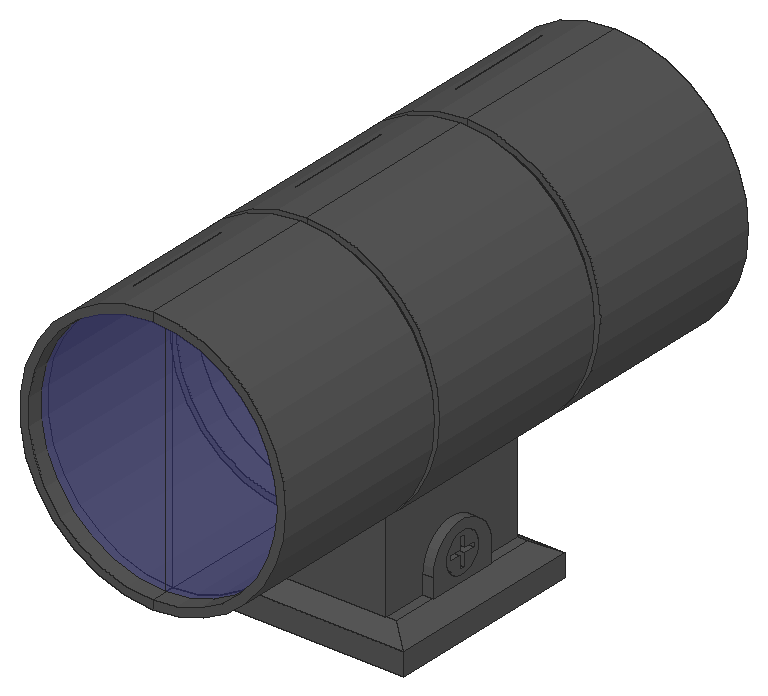
Revit family "CARLO CYLINDER LIGHT WALL MOUNT", category Lighting Fixtures, host Face, Revit 2020 (continued)
Parameters (values of type "CCL6-13-35SPSW8-PC-25-WM-BK")
    4551 0.77793 0.81146 0.85148 0.89328 0.93348 0.97341 1.012 \r\n 1.0532 1.1017 1.1532 1.2041 1.2577 1.3174 1.3805 1.4453 1.513 1.5839 \r\n 1.6594 1.7404 1.8288 1.9282 2.0346 2.1419 2.2599 2.3978 2.5516 2.7181 \r\n 2.9048 3.1169 3.3573 3.6257 3.936 4.3024 4.7234 5.2044 5.7397 6.3288 \r\n 6.9613 7.6236 8.3246 9.0633 9.8554 10.732 11.646 12.545 13.47 14.438 \r\n 15.465 16.579 17.761 18.982 20.295 21.615 23.326 26.016 28.997 31.629 \r\n 34.356 37.443 40.786 43.771 48.203 54.94 66.213 86.215 109.91 132.89 \r\n 157.47 185.01 213.91 242.82 272.34 303.27 333.7 362.03 388.02 411.34 \r\n 430.69 444.03 453.21 458.82 462.57 466.58 470.29 473.85 477.21 480.3 \r\n 483.35 486.61 489.92 493.25 496.53 499.7 502.77 505.67 508.55 511.52 \r\n 514.63 518 521.62 525.43 529.67 534.55 540.08 546.12 553.22 561.79 \r\n 572.02 584.11 598.37 614.99 634.55 657.39 684.35 715.81 753.44 797.82 \r\n 852.63 924.03 1005.2 1090.7 1182.8 1278.4 1387.4 1520.6 1672 1840.6 \r\n 2022.2 2213.1 2410 2607.7 2807.9 3011 3216 3424.7 3630.4 3826.3 \r\n 4014.7 4196.7 4368.5 4525.7 4671.4 4807.8 4932.9 5046.8 5145.6 5222.8 \r\n 5286.5 5343.6 5392.2 5433.7 5465.3 5484 5492 5491.6 5480.2 5455.7 \r\n 5509.6 \r\n5444.5 5464.3 5456 5441.2 5416.3 5378.9 5326.8 5256.7 5169.6 5065 \r\n 4944.4 4808.5 4658.8 4497.2 4323.1 4135.4 3937.3 3730.3 3519 3309.2 \r\n 3098.7 2887.1 2675.1 2459.5 2251.7 2064.5 1891.5 1730.1 1581.8 1447.5 \r\n 1326.1 1215.8 1118.7 1038.7 968.86 901.82 842.51 794.67 754.5 719.42 \r\n 689.58 664.52 643.43 625.46 610.34 597.72 587.03 577.56 569.36 562.39 \r\n 556.22 550.28 544.9 540.38 536.29 532.37 528.51 524.41 520.34 516.5 \r\n 512.88 509.65 506.52 503.19 499.97 497.17 494.55 491.93 489.42 487.06 \r\n 484.92 483.24 481.54 479.39 476.81 473.46 469.94 468.15 463.92 453.22 \r\n 437.57 416.7 392 364.54 335.05 304.56 273.18 241.1 209.06 177.69 \r\n 147.46 118.31 92.451 72.575 57.114 45.53 37.43 32.754 29.963 27.337 \r\n 25.361 24.101 23.083 21.753 20.426 19.274 18.185 17.094 16.032 15.014 \r\n 14.017 13.019 12.03 11.037 10.09 9.2481 8.4632 7.6906 6.9774 6.3679 \r\n 5.8251 5.3209 4.8735 4.4998 4.1759 3.8848 3.6226 3.3763 3.1551 2.967 \r\n 2.8015 2.6503 2.515 2.3953 2.2878 2.1888 2.0976 2.0121 1.9328 1.861 \r\n 1.7923 1.7208 1.652 1.5909 1.5328 1.4744 1.4165 1.3571 1.3014 1.2566 \r\n 1.2156 1.1724 1.1305 1.0921 1.0543 1.0134 0.97332 0.93883 0.90525 0.86847 \r\n 0.83159 0.79694 0.76266 0.72551 0.69205 0.67116 0.65269 0.6273 0.60154 0.58312 \r\n 0.55931 0.5172 0.46503 0.40535 0.34231 0.27931 0.22103 0.17415 0.13596 0.11988 \r\n 0.11738 0.12549 0.14091 0.1592 0.1809 0.20643 0.23175 0.25887 0.28715 0.31717 \r\n 0.34748 0.37595 0.40522 0.43839 0.47203 0.50335 0.53362 0.56211 0.59199 0.62798 \r\n 0.66472 0.69738 0.72909 0.76102 0.7943 0.83503 0.87787 0.91898 0.96002 1.0002 \r\n 1.043 1.0929 1.1452 1.1952 1.2478 1.3082 1.3716 1.4333 1.4971 1.5654 \r\n 1.6377 1.7134 1.7967 1.8937 1.9978 2.1005 2.2128 2.3446 2.4904 2.645 \r\n 2.8183 3.0178 3.2465 3.5085 3.8082 4.148 4.5382 4.9931 5.5037 6.0704 \r\n 6.6783 7.3047 7.9727 8.6987 9.4797 10.33 11.214 12.091 12.993 13.938 \r\n 14.937 16.014 17.155 18.345 19.613 20.851 22.46 25.04 27.889 30.362 \r\n 32.89 35.687 38.753 41.861 45.904 50.448 59.236 77.944 100.34 120.82 \r\n 143.15 170.09 199.06 228.12 258.12 289.96 321.53 351.02 378.37 403.3 \r\n 424.61 440.81 452.56 459.14 463.15 467.07 470.54 474.15 477.57 480.55 \r\n 483.42 486.48 489.58 492.66 495.73 498.78 501.77 504.62 507.49 510.5 \r\n 513.64 516.88 520.35 524.11 528.31 533.13 538.55 544.45 551.33 559.61 \r\n 569.46 581.07 594.77 610.78 629.62 651.63 677.6 707.84 743.99 785.84 \r\n 839.15 913.33 997.1 1081.2 1168.9 1255.5 1355.2 1483.9 1632.2 1797.5 \r\n 1975.5 2161.7 2354.5 2550.3 2750.3 2955.1 3162.2 3370.5 3575.4 3771 \r\n 3959.6 4143.6 4317.8 4476.5 4624.4 4765 4895.2 5014.4 5118.2 5199.1 \r\n 5265.7 5324.4 5374.7 5418.9 5453.8 5476.4 5488 5489.3 5479.3 5457.6 \r\n 5509.6 \r\n5444.5 5455.2 5442.9 5424.9 5396.6 5354.5 5297.5 5223 5131.9 5023.8 \r\n 4899.8 4760.1 4606.5 4440.7 4262.9 4073.4 3873.9 3663.7 3449.8 3240.2 \r\n 3031.1 2821.3 2611.3 2397.1 2191.5 2008.5 1840.2 1682.6 1538.2 1408.6 \r\n 1291.8 1186 1092.1 1011.5 941.45 879.16 825.29 780.22 741.94 708.56 \r\n 680.16 656.49 636.63 619.64 605.32 593.31 583.09 574.01 566.11 559.29 \r\n 553.25 547.56 542.44 538.08 534.11 530.28 526.47 522.38 518.35 514.68 \r\n 511.24 508.06 504.91 501.46 498.11 495.25 492.63 490.08 487.69 485.45 \r\n 483.45 481.98 480.42 478.25 475.6 472.33 468.79 466.74 461.73 449.05 \r\n 431.25 409.03 383.3 354.96 324.73 293.56 261.75 229.75 198.03 167.04 \r\n 137.31 108.79 83.613 64.106 49.59 41.033 35.831 31.621 28.657 26.451 \r\n 24.861 23.665 22.614 21.288 19.97 18.846 17.791 16.731 15.689 14.664 \r\n 13.658 12.676 11.708 10.726 9.7896 8.9686 8.2069 7.4536 6.7618 6.1838 \r\n 5.6718 5.187 4.7545 4.3946 4.0826 3.8012 3.5489 3.3167 3.1085 2.9275 \r\n 2.7663 2.6178 2.4839 2.3654 2.2587 2.1603 2.0698 1.986 1.9083 1.8366 \r\n 1.768 1.6981 1.6305 1.5679 1.5079 1.4493 1.3916 1.3316 1.2757 1.2313 \r\n 1.1916 1.1515 1.1127 1.0765 1.0398 0.99773 0.9566 0.92353 0.89144 0.85394 \r\n 0.81604 0.78166 0.74775 0.70957 0.67605 0.65975 0.64491 0.61532 0.58492 0.56975 \r\n 0.54734 0.49275 0.42944 0.37702 0.32212 0.25066 0.18448 0.14675 0.11943 0.097033 \r\n 0.086864 0.097696 0.11965 0.14756 0.17603 0.20098 0.22489 0.25082 0.27816 0.30806 \r\n 0.3384 0.36648 0.39514 0.42737 0.46007 0.49083 0.52058 0.54827 0.57744 0.61333 \r\n 0.64979 0.68102 0.71126 0.74278 0.77584 0.81678 0.86011 0.90181 0.9438 0.9858 \r\n 1.0303 1.0813 1.1341 1.1833 1.2351 1.2961 1.3593 1.4181 1.4783 1.5438 \r\n 1.6132 1.6839 1.7623 1.8565 1.9577 2.0561 2.163 2.2886 2.4265 2.5697 \r\n 2.7306 2.9181 3.1355 3.3905 3.6791 3.993 4.3529 4.7801 5.2643 5.8091 \r\n 6.3934 6.985 7.6209 8.3347 9.1045 9.927 10.781 11.636 12.517 13.437 \r\n 14.408 15.446 16.546 17.705 18.93 20.089 21.594 24.042 26.746 29.089 \r\n 31.454 33.974 36.776 40.01 43.737 46.446 53.005 70.082 90.772 108.77 \r\n 128.94 155.19 184.11 213.29 243.71 276.32 308.87 339.4 368 394.44 \r\n 417.67 436.7 451.09 458.96 463.56 467.51 470.79 474.42 477.85 480.74 \r\n 483.46 486.32 489.2 492.06 494.92 497.85 500.77 503.58 506.44 509.5 \r\n 512.66 515.78 519.11 522.81 526.97 531.7 537.01 542.74 549.4 557.36 \r\n 566.8 577.89 590.97 606.3 624.36 645.49 670.38 699.32 733.86 773.17 \r\n 824.7 900.67 985.92 1068 1151.1 1229.4 1320.8 1444.9 1589.7 1751.1 \r\n 1925.1 2106.4 2295.1 2489.2 2688.9 2895.4 3104.1 3311.7 3515.6 3711.1 \r\n 3900.5 4086.4 4263.1 4423.6 4573.7 4718.5 4853.7 4978.3 5087.3 5172.5 \r\n 5242.6 5303.7 5355.9 5403 5441.1 5467.6 5482.9 5486.1 5478 5459.2 \r\n 5509.6 \r\n5444.5 5446.1 5429.2 5407 5374.4 5326.8 5264 5184 5087.6 4974.5 \r\n 4845.9 4702.4 4544.9 4374.1 4191.6 3999.1 3797.2 3584.7 3369.1 3159.1 \r\n 2950.6 2742.3 2534.6 2323.7 2122.1 1943.6 1780.3 1627.6 1488.8 1367.1 \r\n 1258 1157.6 1067.1 985.75 914.82 856.4 807.16 764.7 728.41 696.93 \r\n 670.18 647.93 629.26 613.27 599.74 588.33 578.6 570.06 562.61 556.04 \r\n 550.22 544.92 540.17 536.04 532.23 528.52 524.82 520.83 516.92 513.4 \r\n 510.09 506.93 503.75 500.2 496.75 493.82 491.15 488.59 486.18 483.92 \r\n 481.84 480.18 478.42 476.12 473.35 470.13 466.22 462.62 455.59 440.78 \r\n 420.99 397.32 370.51 341.46 310.74 279.03 246.91 215.03 183.91 154.33 \r\n 126.18 98.709 74.626 56.695 43.986 37.599 34.214 30.492 27.593 25.731 \r\n 24.41 23.228 22.119 20.817 19.532 18.427 17.386 16.344 15.315 14.288 \r\n 13.279 12.309 11.359 10.399 9.4848 8.6811 7.9378 7.2095 6.5452 5.9948 \r\n 5.5095 5.0497 4.6383 4.2915 3.99 3.7207 3.4806 3.2621 3.0663 2.8938 \r\n 2.7387 2.5948 2.4643 2.3484 2.2437 2.1475 2.0588 1.976 1.8989 1.8274 \r\n 1.7589 1.6903 1.6238 1.5605 1.4997 1.4413 1.3843 1.3256 1.2703 1.2242 \r\n 1.1828 1.1443 1.1074 1.071 1.0335 0.99078 0.949 0.91507 0.88224 0.84461 \r\n 0.80661 0.77175 0.73773 0.70097 0.66881 0.65234 0.63661 0.60588 0.57353 0.55492 \r\n 0.5284 0.46876 0.40199 0.35164 0.29989 0.22812 0.16231 0.13024 0.10798 0.078942 \r\n 0.061176 0.071955 0.097064 0.13327 0.16491 0.18958 0.21215 0.23687 0.26314 0.29269 \r\n 0.32277 0.35009 0.37796 0.4097 0.44192 0.47189 0.50088 0.52812 0.55691 0.59233 \r\n 0.62823 0.65863 0.68807 0.71919 0.75173 0.79142 0.83352 0.87455 0.91654 0.96009 \r\n 1.006 1.0565 1.1083 1.1575 1.2093 1.27 1.3324 1.3896 1.4478 1.5116 \r\n 1.579 1.6472 1.7226 1.8137 1.9117 2.0073 2.1109 2.2315 2.3635 2.5 \r\n 2.6534 2.8325 3.0406 3.2868 3.5636 3.859 4.1962 4.596 5.0537 5.5814 \r\n 6.1493 6.7159 7.3286 8.0333 8.7932 9.5882 10.414 11.256 12.126 13.025 \r\n 13.969 14.975 16.043 17.181 18.378 19.491 20.922 23.229 25.802 28.135 \r\n 30.478 32.835 35.434 38.623 42.05 43.844 48.909 63.546 81.69 97.819 \r\n 116.61 142.06 170.66 199.97 230.73 263.56 296.46 327.62 357.13 384.82 \r\n 409.7 431.12 447.94 457.74 463.67 467.86 470.93 474.41 477.69 480.56 \r\n 483.26 485.99 488.71 491.43 494.19 497.04 499.92 502.74 505.62 508.7 \r\n 511.86 514.93 518.19 521.84 525.92 530.56 535.74 541.3 547.73 555.4 \r\n 564.47 575.12 587.67 602.38 619.72 640.05 664 691.8 724.94 762.42 \r\n 811.9 885.86 968.87 1048.1 1128.1 1203 1290.7 1411.5 1552.9 1710.5 \r\n 1880.7 2058.2 2243.8 2437.4 2637.4 2843.8 3052.2 3258.2 3460.8 3656.9 \r\n 3847.6 4035.3 4213.9 4375.8 4527.6 4674.9 4813.2 4941.9 5055.5 5145.7 \r\n 5220.4 5284.2 5338.6 5387.8 5428.2 5457.7 5476 5481.5 5475.7 5459.8 \r\n 5509.6 \r\n5444.5 5437 5415.1 5387.9 5350 5296.3 5227 5140.4 5037.4 4917.7 \r\n 4783.2 4635.8 4474.6 4298.1 4109.8 3913 3708 3494 3277.7 3066.7 \r\n 2857.9 2650.5 2445.5 2239.6 2043.8 1870.1 1711.9 1565.2 1433.8 1322.9 \r\n 1224.2 1130.2 1043.2 961.2 889.15 833.65 788.14 748.1 713.91 684.55 \r\n 659.67 638.87 621.37 606.36 593.64 582.82 573.62 565.75 558.92 552.72 \r\n 547.23 542.41 538.13 534.29 530.69 527.14 523.57 519.79 516.07 512.67 \r\n 509.42 506.26 503.04 499.42 495.88 492.9 490.16 487.49 484.93 482.49 \r\n 480.13 477.89 475.57 473.04 470.09 466.83 462.17 455.78 445.54 428.51 \r\n 406.92 381.72 353.78 324.22 293.25 261.15 228.87 197.16 166.91 139.71 \r\n 114.19 88.21 65.661 50.491 40.405 35.256 32.542 29.335 26.764 25.162 \r\n 23.985 22.773 21.599 20.34 19.112 18.015 16.971 15.932 14.908 13.885 \r\n 12.883 11.92 10.984 10.056 9.1755 8.3857 7.6558 6.9584 6.3272 5.7998 \r\n 5.3369 4.9076 4.5237 4.1899 3.8976 3.6428 3.4174 3.2119 3.0276 2.8646 \r\n 2.7176 2.5804 2.4553 2.3435 2.2421 2.1497 2.064 1.9817 1.9043 1.8328 \r\n 1.7647 1.6971 1.6314 1.5684 1.5079 1.4503 1.3944 1.3386 1.2849 1.2348 \r\n 1.1891 1.1504 1.1139 1.0753 1.0353 0.99247 0.95032 0.91317 0.87735 0.84023 \r\n 0.80306 0.76699 0.73241 0.69942 0.66996 0.64856 0.62746 0.59878 0.56734 0.53878 \r\n 0.50283 0.44591 0.38359 0.32989 0.27599 0.21221 0.15515 0.12488 0.10133 0.065996 \r\n 0.04112 0.048035 0.071907 0.11074 0.14735 0.17214 0.1936 0.2172 0.24233 0.27126 \r\n 0.30074 0.32698 0.3539 0.38562 0.41782 0.44683 0.47483 0.50197 0.5307 0.5653 \r\n 0.60036 0.6306 0.65997 0.69065 0.7226 0.75964 0.79889 0.83802 0.87907 0.92381 \r\n 0.97076 1.019 1.0686 1.1184 1.1711 1.2306 1.2916 1.3485 1.4066 1.4697 \r\n 1.5363 1.6044 1.679 1.7666 1.861 1.9555 2.0579 2.175 2.3032 2.4378 \r\n 2.5888 2.7631 2.9641 3.1995 3.464 3.7486 4.0714 4.445 4.8769 5.3922 \r\n 5.9506 6.5025 7.1014 7.7998 8.5505 9.3192 10.12 10.959 11.827 12.707 \r\n 13.627 14.61 15.657 16.784 17.969 19.071 20.461 22.622 25.083 27.518 \r\n 29.974 32.293 34.762 37.727 40.859 42.652 46.978 58.467 73.329 88.246 \r\n 106.43 130.99 158.96 188.34 219.29 251.78 284.4 315.74 345.81 374.44 \r\n 400.68 423.97 442.93 455.25 463.24 467.93 470.86 474.07 477.04 479.98 \r\n 482.81 485.48 488.12 490.81 493.56 496.39 499.26 502.13 505.05 508.12 \r\n 511.26 514.35 517.62 521.2 525.19 529.73 534.77 540.16 546.37 553.79 \r\n 562.55 572.82 584.93 599.07 615.77 635.43 658.59 685.44 717.38 753.8 \r\n 801.01 869.18 946.17 1022.1 1100.5 1176.6 1265.6 1384.4 1522.6 1676.6 \r\n 1843.2 2017.8 2201.7 2395.8 2596.4 2801 3006.9 3210.5 3411.5 3608.7 \r\n 3801.5 3990.7 4170.6 4333.6 4486.5 4634.6 4774.3 4905.6 5022.9 5118.6 \r\n 5198.8 5266 5322.7 5373.3 5414.9 5446.5 5467.2 5475.4 5472.4 5459.3 \r\n 5509.6 \r\n5444.5 5428.3 5401.3 5369 5325.6 5265.7 5189.8 5096.5 4986.8 4860.6 \r\n 4720.3 4569.1 4404.1 4221.9 4028.1 3826.9 3618.8 3403.9 3187.6 2975.5 \r\n 2766.2 2559.7 2357.2 2156.6 1967 1798.2 1645 1504.2 1380.1 1280 \r\n 1191.6 1103.9 1020.4 938.05 865.14 812.2 769.93 732.16 699.99 672.67 \r\n 649.61 630.15 613.74 599.66 587.7 577.45 568.77 561.56 555.34 549.53 \r\n 544.38 540.05 536.22 532.66 529.27 525.87 522.45 518.9 515.39 512.09 \r\n 508.87 505.69 502.42 498.76 495.18 492.14 489.31 486.52 483.78 481.11 \r\n 478.41 475.53 472.56 469.76 466.54 463.03 457.35 447.79 434.05 414.81 \r\n 391.52 364.86 335.88 305.92 274.82 242.45 210.13 178.71 149.47 124.88 \r\n 102.27 78.081 57.343 45.147 37.728 33.449 31.006 28.275 26.074 24.682 \r\n 23.594 22.335 21.089 19.878 18.711 17.617 16.564 15.525 14.504 13.488 \r\n 12.494 11.537 10.614 9.7209 8.8758 8.0992 7.3819 6.7162 6.1184 5.6116 \r\n 5.1683 4.7692 4.4132 4.0918 3.8084 3.5676 3.3565 3.163 2.9893 2.8357 \r\n 2.6967 2.5666 2.4473 2.3395 2.2415 2.1533 2.0707 1.9887 1.9107 1.8395 \r\n 1.7718 1.705 1.6403 1.5778 1.5178 1.4609 1.4062 1.3535 1.3016 1.2473 \r\n 1.1967 1.1574 1.1207 1.0791 1.0364 0.99357 0.95129 0.91055 0.87138 0.83496 \r\n 0.79888 0.76153 0.72628 0.69737 0.67067 0.64323 0.61573 0.58961 0.55965 0.52001 \r\n 0.47391 0.42185 0.36615 0.30826 0.25134 0.19766 0.15132 0.12168 0.095262 0.055584 \r\n 0.024337 0.025603 0.045977 0.086668 0.12792 0.15341 0.17449 0.19721 0.22121 0.2493 \r\n 0.27795 0.30309 0.32913 0.3609 0.39315 0.42122 0.44828 0.47544 0.50419 0.53785 \r\n 0.57199 0.60222 0.63168 0.662 0.69335 0.72781 0.7642 0.80133 0.84129 0.88707 \r\n 0.93482 0.98058 1.0277 1.0783 1.1321 1.1902 1.2497 1.3066 1.3649 1.4276 \r\n 1.4937 1.5624 1.6367 1.7208 1.8114 1.9051 2.0067 2.1207 2.2456 2.3796 \r\n 2.5292 2.6996 2.894 3.118 3.3698 3.6457 3.9566 4.3054 4.7123 5.215 \r\n 5.7642 6.3042 6.8916 7.5825 8.3226 9.0663 9.844 10.681 11.548 12.411 \r\n 13.31 14.272 15.301 16.417 17.592 18.692 20.051 22.061 24.405 26.95 \r\n 29.539 31.865 34.25 36.971 39.857 41.982 45.882 54.193 65.688 79.501 \r\n 97.18 120.76 147.92 177.13 208.02 239.95 272.09 303.42 333.85 363.27 \r\n 390.7 415.61 436.57 451.58 461.93 467.45 470.51 473.52 476.21 479.26 \r\n 482.25 484.91 487.49 490.19 492.96 495.79 498.67 501.58 504.55 507.59 \r\n 510.7 513.83 517.12 520.64 524.52 528.95 533.85 539.06 545.06 552.21 \r\n 560.64 570.54 582.19 595.75 611.78 630.74 653.07 678.94 709.68 745.15 \r\n 789.94 851.26 921.18 993.28 1070.3 1149 1240.5 1357.2 1491.6 1641.5 \r\n 1804.3 1976 2158.1 2352.6 2553.5 2755.8 2958.6 3159.6 3359 3557.6 \r\n 3752.6 3943.2 4124.5 4288.9 4443.1 4591.8 4732.5 4866.2 4987.1 5088.6 \r\n 5174.7 5245.8 5305.5 5357.7 5400.6 5434.1 5457.2 5468.4 5468.6 5458.3 \r\n 5509.6 \r\n5444.5 5420 5388.1 5350.8 5302 5235.8 5153.5 5053.8 4937.8 4805.4 \r\n 4659.5 4504.4 4335.8 4148.4 3949.3 3744 3533 3318 3102.1 2889.2 \r\n 2679.4 2473.4 2273 2077.8 1894.3 1730.2 1581.8 1446.7 1329.5 1239.1 \r\n 1160.1 1078.3 998.32 916.22 843.08 792.43 752.95 717.28 687.02 661.61 \r\n 640.23 622.01 606.58 593.37 582.13 572.42 564.24 557.64 552 546.57 \r\n 541.75 537.87 534.46 531.14 527.93 524.68 521.41 518.09 514.78 511.56 \r\n 508.35 505.14 501.83 498.16 494.56 491.47 488.57 485.65 482.73 479.82 \r\n 476.75 473.2 469.57 466.47 462.89 458.85 451.88 439 421.72 400.32 \r\n 375.46 347.47 317.58 287.31 256.18 223.67 191.44 160.43 132.31 110.36 \r\n 90.711 68.615 49.947 40.698 35.775 32.07 29.62 27.316 25.497 24.265 \r\n 23.221 21.909 20.598 19.433 18.326 17.235 16.169 15.128 14.108 13.101 \r\n 12.119 11.169 10.258 9.3991 8.589 7.8257 7.1211 6.4863 5.9208 5.4322 \r\n 5.0061 4.6355 4.3063 3.9973 3.7226 3.495 3.297 3.1142 2.9501 2.8052 \r\n 2.674 2.5508 2.4373 2.3333 2.2385 2.1543 2.075 1.9933 1.9147 1.8439 \r\n 1.7768 1.7108 1.6469 1.585 1.5256 1.4694 1.4158 1.3661 1.3158 1.2578 \r\n 1.2025 1.1622 1.1247 1.0799 1.0343 0.99165 0.94947 0.90527 0.86287 0.82727 \r\n 0.79241 0.75385 0.71792 0.69285 0.66862 0.63485 0.60076 0.57721 0.54888 0.49842 \r\n 0.44268 0.39658 0.3485 0.28645 0.22645 0.18365 0.14863 0.11878 0.088775 0.045972 \r\n 0.0109 0.0060592 0.021325 0.062655 0.10756 0.1344 0.15609 0.17828 0.20123 0.22825 \r\n 0.2558 0.27994 0.30525 0.33704 0.36933 0.39657 0.42281 0.45004 0.47882 0.51151 \r\n 0.5447 0.57498 0.60463 0.63466 0.66544 0.69819 0.7319 0.76722 0.80611 0.85273 \r\n 0.90109 0.94441 0.9891
    5 1.0406 1.0954 1.1522 1.2102 1.2672 1.326 1.3884 \r\n 1.4543 1.5237 1.598 1.6785 1.7652 1.8581 1.9591 2.0703 2.1924 2.326 \r\n 2.4746 2.6414 2.8292 3.0415 3.2806 3.5488 3.8493 4.1753 4.5586 5.0476 \r\n 5.5862 6.1156 6.6925 7.3735 8.1009 8.8213 9.5781 10.412 11.277 12.126 \r\n 13.006 13.95 14.961 16.065 17.229 18.335 19.668 21.526 23.748 26.38 \r\n 29.091 31.459 33.806 36.294 38.986 41.635 45.337 50.677 58.949 71.664 \r\n 88.767 111.29 137.48 166.2 196.68 227.92 259.48 290.63 321.25 351.29 \r\n 379.75 406.03 428.83 446.59 459.5 466.21 469.76 472.74 475.24 478.43 \r\n 481.6 484.28 486.85 489.59 492.39 495.24 498.13 501.08 504.07 507.08 \r\n 510.15 513.33 516.66 520.11 523.88 528.18 532.94 537.98 543.76 550.62 \r\n 558.71 568.21 579.37 592.32 607.65 625.85 647.3 672.13 701.61 736.13 \r\n 778.41 832.46 894.84 962.84 1038.3 1120.2 1214.7 1328.8 1458.8 1604.2 \r\n 1762.7 1931.3 2111.4 2305.7 2506.3 2705.8 2905.5 3103.9 3302 3501.8 \r\n 3698.9 3890.9 4073.7 4240 4396 4545.5 4687.3 4823.2 4947.5 5054.9 \r\n 5147.1 5222.9 5286.1 5340.4 5384.9 5420.5 5445.9 5460.4 5464.1 5457 \r\n 5509.6 \r\n5444.5 5412.5 5376 5333.8 5279.8 5207.8 5119.3 5013.7 4892 4754.1 \r\n 4603.2 4444.3 4272 4080 3876.5 3667.5 3454.2 3239.4 3024.5 2811.1 \r\n 2600.9 2395.2 2196.3 2005.9 1828.2 1668.6 1524.8 1394.9 1283.6 1201.1 \r\n 1129.6 1053 976.47 895.65 823.26 774.73 737.57 703.84 675.37 651.67 \r\n 631.79 614.65 600.09 587.68 577.11 567.92 560.21 554.15 549.01 543.94 \r\n 539.45 535.94 532.85 529.73 526.65 523.54 520.42 517.3 514.16 511 \r\n 507.78 504.53 501.17 497.53 493.95 490.84 487.87 484.85 481.77 478.63 \r\n 475.19 471.06 466.8 463.38 459.33 454.42 445.85 429.76 409.14 385.73 \r\n 359.43 330.27 299.64 269.14 238.06 205.53 173.53 143.08 116.15 96.656 \r\n 79.821 60.1 43.747 37.177 34.369 31.011 28.401 26.465 25.005 23.885 \r\n 22.851 21.493 20.133 19.011 17.958 16.867 15.79 14.747 13.729 12.733 \r\n 11.765 10.822 9.9238 9.096 8.3183 7.5691 6.8779 6.2726 5.7367 5.2639 \r\n 4.8525 4.5074 4.2027 3.9062 3.6406 3.4247 3.2379 3.0643 2.9084 2.7713 \r\n 2.6472 2.5305 2.4223 2.3217 2.2296 2.1493 2.0729 1.9916 1.9127 1.8424 \r\n 1.7762 1.711 1.6479 1.5866 1.5279 1.4723 1.4196 1.3721 1.3232 1.2623 \r\n 1.2033 1.1615 1.1227 1.0749 1.0267 0.98431 0.94241 0.89538 0.85034 0.8156 \r\n 0.78195 0.74243 0.7059 0.68391 0.66148 0.62196 0.58192 0.56041 0.53343 0.47381 \r\n 0.41016 0.37009 0.32947 0.26416 0.20182 0.16937 0.14487 0.1143 0.080845 0.036916 \r\n 0.0008805 0 0 0.040327 0.087212 0.11614 0.13969 0.1618 0.18385 0.20954 \r\n 0.23572 0.25903 0.28386 0.31556 0.34777 0.37439 0.40001 0.4273 0.45607 0.48782 \r\n 0.52009 0.55041 0.58024 0.61005 0.64035 0.67214 0.70443 0.73846 0.77647 0.82368 \r\n 0.8724 0.91367 0.95644 1.0086 1.0643 1.1199 1.1765 1.2336 1.2926 1.3549 \r\n 1.4207 1.4908 1.5648 1.6419 1.7249 1.8167 1.9169 2.0254 2.1449 2.2777 \r\n 2.4249 2.5877 2.7688 2.9693 3.1956 3.4563 3.747 4.053 4.4148 4.8876 \r\n 5.4126 5.9312 6.4975 7.165 7.8766 8.5762 9.3145 10.142 11.003 11.84 \r\n 12.706 13.633 14.627 15.714 16.864 17.978 19.287 20.998 23.089 25.755 \r\n 28.546 30.98 33.339 35.635 38.191 41.414 45.06 47.867 53.295 64.817 \r\n 81.119 102.51 127.59 155.38 185.04 215.51 246.49 277.33 307.98 338.51 \r\n 367.83 395.25 419.69 440.13 455.69 464.01 468.53 471.73 474.16 477.53 \r\n 480.87 483.6 486.21 489.01 491.86 494.74 497.64 500.6 503.58 506.55 \r\n 509.59 512.82 516.18 519.57 523.23 527.4 531.99 536.87 542.43 548.99 \r\n 556.71 565.77 576.41 588.7 603.26 620.62 641.11 664.82 692.95 726.41 \r\n 766.14 813.11 868.11 931.84 1005.6 1090.5 1187.6 1298.3 1423 1563.3 \r\n 1717.1 1882.3 2059.7 2252.9 2452.4 2649 2845.6 3041.8 3238.8 3439.7 \r\n 3638.6 3832 4016.4 4185.4 4343.9 4494.8 4638 4776 4903.8 5016.9 \r\n 5115.3 5196.4 5263.9 5321 5367.7 5405.5 5433.5 5451.5 5459.1 5455.6 \r\n 5509.6 \r\n"
  Model = "CCL6-13-35SPSW8-PC-25-WM-BK"
  Manufacturer = "Above All Lighting"  # constant formula
  built-in parameter 1150105 = 230.77 (stored number, unit not read)
  Lumens = 2900 lm
  built-in parameter 1150115 = 1 (stored number, unit not read)
  Load Classification = Lighting
  built-in parameter 1150137 = (empty or 0)
  built-in parameter 1150139 = (empty or 0)
  Light Length 1 = LIGHT LENGTH / 3  # 0' - 4.33333"
  built-in parameter 1150112 = 1 (stored number, unit not read)
  built-in parameter 1150114 = 1 (stored number, unit not read)
  LIGHT RADIUS = LIGHT DIA / 2  # 0' - 3"
  LIGHT PLACEMENT = ((LIGHT DIA / 2) + 0' 2 177/256") - 0' 0 71/256"  # 0' - 5 53/128"
  LIGHT LENGTH = 1' - 1"
  LIGHT DIA = 0' - 6"
  built-in parameter 1150132 = 2
  built-in parameter 1150102 = (empty or 0)
  built-in parameter 1150107 = 3000 (stored number, unit not read)
  built-in parameter 1150138 = (empty or 0)
  built-in parameter 1150106 = 2.3077 (stored number, unit not read)
  IP Rating = "65"  # constant formula
  GLASS = Glass
  FIXED END HEIGHT = (LIGHT PLACEMENT + (LIGHT DIA / 2))  # 0' - 8 53/128"
  built-in parameter 1150104 = 13.8 (stored number, unit not read)
  Dimming Lamp Color Temperature Shift = <None>
  Dimming / Control = 10 V
  Description = "This architectural Carlo Cylinder light is designed for accent lighting and features a state-of-the-art\r\ndesign. "  # constant formula
  Default Elevation = 4' - 0"
  Curve base Height = 0' - 2 27/32"
  Color Filter = 16777215
  CRI = "90Ra"  # constant formula
  Body Material = BLACK
  Base Curve = 0' - 2 179/256"
  built-in parameter 1114218 = 1 (stored number, unit not read)
  BOTTOM WIDTH 1 = 0' - 3 7/256"
  BOTTOM WIDTH = BOTTOM LENGTH  # 0' - 4 17/32"
  BOTTOM LENGTH 1 = 0' - 2 1/2"
  BOTTOM LENGTH = 0' - 4 17/32"  # constant formula
  BEAMING ANGLE = 25.00°
  Average life based on L70(HRS) = "100000"  # constant formula
  built-in parameter 1150133 = 10 (stored number, unit not read)
  Apparent Load = 43.75 VA
Reference planes (in)
  plane 1 "Center (Front/Back)": y = 0
  plane 2: z = 0
  plane 3 "Center (Left/Right)": x = 0
  plane 4: z = 5.41406
  plane 5: z = 8.41406
  plane 6: y = -6.5
  plane 7: y = 6.5
Dimensions and locks (in)
  "LIGHT PLACEMENT": plane 4 to plane 2
  "FIXED END HEIGHT": plane 5 to plane 2
  equal spacing: plane 7, plane 1 "Center (Front/Back)", plane 6
  "LIGHT LENGTH": plane 7 to plane 6
  aligned and locked: plane 2 to host face
  aligned and locked: level to host face
  aligned and locked: plane 1 "Center (Front/Back)" to nested 1
  aligned and locked: plane 3 "Center (Left/Right)" to nested 1
  aligned and locked: plane 3 "Center (Left/Right)" to nested 2
  aligned and locked: plane 4 to nested 2
  aligned and locked: nested 2 to plane 1 "Center (Front/Back)"
  aligned and locked: plane 4 to imposter light
  aligned and locked: imposter light to plane 1 "Center (Front/Back)"
Automatic sketch dimensions
  host sketch curve to host sketch curve = 8' - 0"  (x2)
Nested families (in)
  nested 1: "CARLO CYLINDER (BASE)" at (0, 0, 0), BOTTOM LENGTH <- "BOTTOM LENGTH", BOTTOM LENGTH 1 <- "BOTTOM LENGTH 1", BOTTOM WIDTH <- "BOTTOM WIDTH", BOTTOM WIDTH 1 <- "BOTTOM WIDTH 1", Body Material <- "Body Material", Base Curve <- "Base Curve", H <- "Curve base Height", type "CARLO CYLINDER (BASE)"
    with H 0' - 2 27/32", Body Material BLACK, Base Curve 0' - 2 179/256", BOTTOM WIDTH 1 0' - 3 7/256", BOTTOM WIDTH 0' - 4 17/32", BOTTOM LENGTH 1 0' - 2 1/2", BOTTOM LENGTH 0' - 4 17/32"
  nested 2: "CARLO CYLINDER (LIGHT)" at (0, -6.5, 5.41406) x (0, 1, 0) z (0, 0, 1), LIGHT DIA <- "LIGHT DIA", LIGHT LENGTH <- "LIGHT LENGTH", Body <- "Body Material", Glass <- "GLASS", type "CARLO CYLINDER (LIGHT)"
    with LIGHT RADIUS 0' - 3", LIGHT LENGTH 1' - 1", LIGHT DIA 0' - 6", L1 0' - 4.33333", Glass Glass, Body BLACK
Connectors (in)
  electrical at (0, 0, 0), driven by "Load Classification"
    settings: on host face, index 1, voltage 0 V, apparent load 0 VA, apparent load phase1 0 VA, apparent load phase2 0 VA, apparent load phase3 0 VA, power factor 1, load classification "Lighting", number of poles 1, system type 31, power factor state 1, is connector primary yes, connector utility no, sub classification motor no, connector description ""
Definition of nested family "CARLO CYLINDER (BASE)"
  Parameters (values of type "CARLO CYLINDER (BASE)")
    H [instance] = 0' - 3"
    Default Elevation = 0' - 0"
    Body Material [instance] = none
    Base Curve [instance] = 0' - 3"
    BOTTOM WIDTH 1 [instance] = 0' - 3.02549"
    BOTTOM WIDTH [instance] = 0' - 4.53"
    BOTTOM LENGTH 1 [instance] = 0' - 2 1/2"
    BOTTOM LENGTH [instance] = 0' - 4.53"
